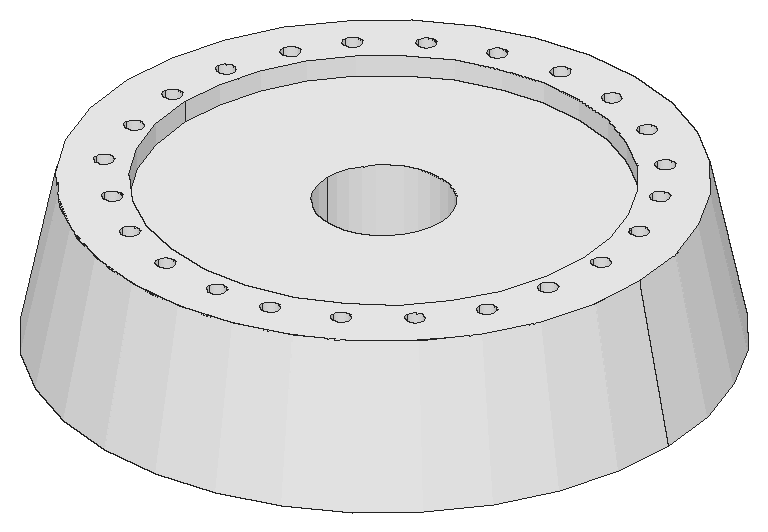
Revit family "1702a_HCRA", category Communication Devices, host Face, Revit 2021
Family settings
  Host = Face
  Maintain Annotation Orientation = No
  Round Connector Dimension = Use Diameter
  Part Type = Normal
  OmniClass Number = 23.85.80.11.27
  OmniClass Title = Lighting Controls
  Cut with Voids When Loaded = No
  Shared = Yes
  Room Calculation Point = No
Parameters
  Width = 4.50"
  Warranty = "5-Years Warranty"  # constant formula
  Type Comments = "HCRA Hard Ceiling Raceway Adapter"  # constant formula
  Product Page URL = "https://www.currentlighting.com/nxlightingcontrols"
  Product Documentation Link = ""
  URL = ""
  Power Requirements = "100-277VAC; 50/60Hz "  # constant formula
  Model = "HCRA Hard Ceiling Raceway Adapter"  # constant formula
  Manufacturer = " NX Lighting Controls"  # constant formula
  Sensing Element = Glass - White
  Description = "For OMNI® sensors. The HCRA is compatible with  Wiremold\r\nraceway. The HCRA has knockout raceway holes for quick and clean\r\ninstallation."  # constant formula
  Default Elevation = 48.00"
  Copyright = "Copyright © NX Lighting Controls"  # constant formula
  Contact Us = ""
  Housing Material = Paint -  Matte White
  Certifications = "UL and cUL listed"
  Assembly Code = "D5090"
Reference planes (in)
  plane 1 "Center (Front/Back)": y = 10.63342
  plane 2: z = 0
  plane 3 "Center (Left/Right)": x = 0
  plane 4: x = -2.25
  plane 5: x = 2.25
  plane 6: y = 12.88342
  plane 7: y = 8.38342
  plane 8: z = 1.21
  plane 9: z = 1.5
Forms (in)
  Blend 1, solid, material "Paint -  Matte White" <- "Housing Material"
    base sketch origin (0, 0, 0) x (1, 0, 0) y (0, 1, 0)
      loop
        circle (0, 10.63342) r 2.5
    top sketch origin (0, 0, 0) x (1, 0, 0) y (0, 1, 0)
      loop
        circle (0, 10.63342) r 2.25
    from 0 to 1.21
  Extrusion 2, void
    sketch origin (0, 0, 0) x (1, 0, 0) y (0, 1, 0)
      loop
        circle (0, 12.57294) r 0.07206
      loop
        circle (0.50198, 12.50685) r 0.07206
      loop
        circle (0.96976, 12.31309) r 0.07206
      loop
        circle (1.37145, 12.00487) r 0.07206
      loop
        circle (1.62074, 11.6372) r 0.07206
      loop
        circle (1.8145, 11.16943) r 0.07206
      loop
        circle (1.88059, 10.66744) r 0.07206
      loop
        circle (1.8145, 10.16546) r 0.07206
      loop
        circle (1.67967, 9.66366) r 0.07206
      loop
        circle (1.37145, 9.26197) r 0.07206
      loop
        circle (0.96976, 8.95375) r 0.07206
      loop
        circle (0.50198, 8.75999) r 0.07206
      loop
        circle (0.05893, 8.72792) r 0.07206
      loop
        circle (-0.44305, 8.79401) r 0.07206
      loop
        circle (-0.91083, 8.98777) r 0.07206
      loop
        circle (-1.31252, 9.296) r 0.07206
      loop
        circle (-0.50198, 12.50685) r 0.07206
      loop
        circle (-0.96976, 12.31309) r 0.07206
      loop
        circle (-1.37145, 12.00487) r 0.07206
      loop
        circle (-1.62074, 11.6372) r 0.07206
      loop
        circle (-1.8145, 11.16943) r 0.07206
      loop
        circle (-1.88059, 10.66744) r 0.07206
      loop
        circle (-1.8145, 10.16546) r 0.07206
      loop
        circle (-1.67967, 9.66366) r 0.07206
    from 0.92241 to 1.21
  Extrusion 3, void
    sketch origin (0, 0, 0) x (1, 0, 0) y (0, 1, 0)
      loop
        circle (0, 10.63342) r 0.5
    from 0 to 1.21
  Extrusion 4, void
    sketch origin (0, 0, 0) x (1, 0, 0) y (0, 1, 0)
      loop
        circle (0, 10.63342) r 1.75
      loop
        circle (0, 10.63342) r 0.5
    from 1.05228 to 1.21
Cuts and joins
  Extrusion 2, Extrusion 3, Extrusion 4 cuts Blend 1
Dimensions and locks (in)
  "Width": plane 4 to plane 5
  "Width": plane 7 to plane 6
  equal spacing: plane 4, plane 3 "Center (Left/Right)", plane 5
  equal spacing: plane 7, plane 1 "Center (Front/Back)", plane 6
  plane 8 to plane 2 = 1.21"
  plane 9 to plane 2 = 1.50"
  plane 4 to plane 5 = 4.50"
  aligned and locked: plane 2 to host face
  aligned and locked: level to host face
Automatic sketch dimensions
  host sketch curve to host sketch curve = 96.00"  (x2)
  plane 1 "Center (Front/Back)" to Blend 1 sketch curve = 0.00"  (x2)
  Blend 1 sketch curve to plane 3 "Center (Left/Right)" = 0.00"  (x2)
  Extrusion 2 sketch curve to plane 3 "Center (Left/Right)" = 0.00"
  Extrusion 2 sketch curve to plane 3 "Center (Left/Right)" = 0.44305"
  Extrusion 2 sketch curve to plane 3 "Center (Left/Right)" = 0.50198"
  Extrusion 2 sketch curve to Extrusion 2 sketch curve = 0.46777"  (x6)
  Extrusion 2 sketch curve to Extrusion 2 sketch curve = 0.40169"  (x5)
  Extrusion 2 sketch curve to Extrusion 2 sketch curve = 0.2493"  (x2)
  Extrusion 2 sketch curve to Extrusion 2 sketch curve = 0.36716"
  plane 4 to Extrusion 2 sketch curve = 0.4355"  (x2)
  Extrusion 2 sketch curve to plane 1 "Center (Front/Back)" = 0.03402"  (x2)
  plane 4 to Extrusion 2 sketch curve = 0.36941"
  plane 3 "Center (Left/Right)" to Extrusion 2 sketch curve = 0.05893"
  plane 3 "Center (Left/Right)" to Extrusion 2 sketch curve = 0.50198"
  Extrusion 2 sketch curve to Extrusion 2 sketch curve = 0.44305"
  Extrusion 2 sketch curve to Extrusion 2 sketch curve = 0.30823"  (x5)
  Extrusion 2 sketch curve to plane 5 = 0.4355"  (x2)
  Extrusion 2 sketch curve to plane 5 = 0.36941"
  plane 1 "Center (Front/Back)" to Extrusion 2 sketch curve = 0.46796"  (x2)
  Extrusion 2 sketch curve to Extrusion 2 sketch curve = 0.5018"  (x2)
  Extrusion 2 sketch curve to Extrusion 2 sketch curve = 0.36766"  (x3)
  Extrusion 2 sketch curve to plane 7 = 0.41059"
  Extrusion 2 sketch curve to plane 7 = 0.37657"
  Extrusion 2 sketch curve to plane 7 = 0.34451"
  Extrusion 2 sketch curve to Extrusion 2 sketch curve = 0.50198"  (x2)
  plane 6 to Extrusion 2 sketch curve = 0.37657"  (x2)
  plane 6 to Extrusion 2 sketch curve = 0.31048"
  plane 1 "Center (Front/Back)" to Extrusion 3 sketch curve = 0.00"
  Extrusion 3 sketch curve to plane 3 "Center (Left/Right)" = 0.00"
  Extrusion 4 sketch curve to Extrusion 4 sketch curve = 0.00"  (x2)
  plane 1 "Center (Front/Back)" to Extrusion 4 sketch curve = 0.00"
  Extrusion 4 sketch curve to plane 3 "Center (Left/Right)" = 0.00"
  radius of Blend 1 sketch curve = 2.50"
  radius of Blend 1 sketch curve = 2.25"
  radius of Extrusion 2 sketch curve = 0.07206"  (x24)
  radius of Extrusion 3 sketch curve = 0.50"
  radius of Extrusion 4 sketch curve = 1.75"
  radius of Extrusion 4 sketch curve = 0.50"
Connectors (in)
  electrical at (0, 10.63342, 1.05228)
    settings: on cut or joined group of Blend 1, Extrusion 2, Extrusion 3, Extrusion 4, index 1, voltage 0 V, apparent load 0 VA, apparent load phase1 0 VA, apparent load phase2 0 VA, apparent load phase3 0 VA, power factor 1, load classification "Other", number of poles 1, system type 13, power factor state 1, is connector primary yes, connector utility no, sub classification motor no, connector description ""
